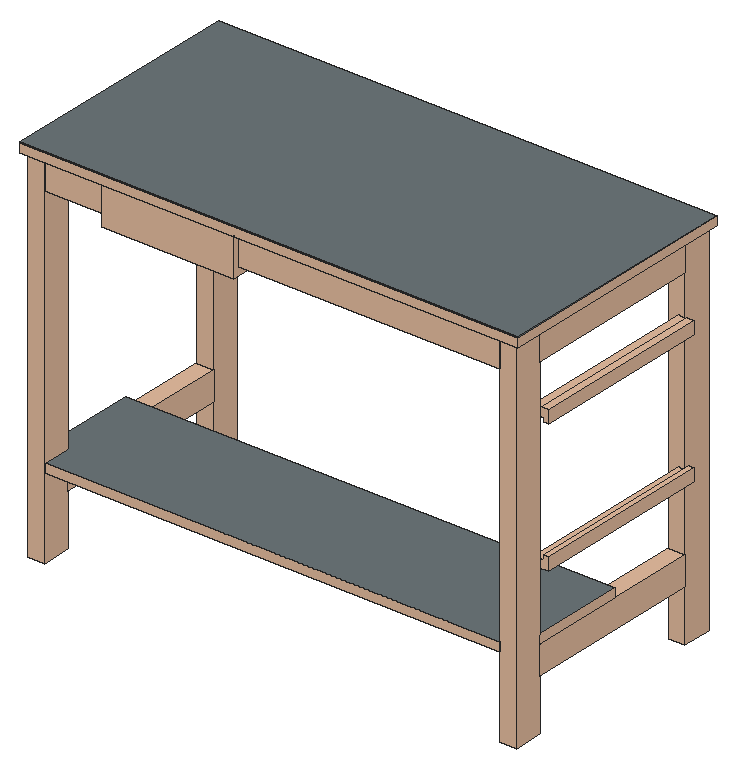
Revit family "Furniture_Other_Sjobergs_Sewing_Table", category Furniture, Revit 2017
Family settings
  OmniClass Number = 23.40.50.11
  OmniClass Title = Educational, Entertainment Equipment and Furnishings
  Work Plane-Based = No
  Always vertical = Yes
  Cut with Voids When Loaded = No
  Shared = No
  Room Calculation Point = No
Parameters (values of type "Sewing Table")
  Weight = "48 kg"
  WarrantyStartDate [instance] = "n/a"
  WarrantyGuarantorParts = "n/a"
  WarrantyGuarantorLabor = "n/a"
  WarrantyDurationUnit = "n/a"
  WarrantyDurationParts = "n/a"
  WarrantyDurationLabor = "n/a"
  WarrantyDescription = "n/a"
  VersionDate = "30/06/2020"  # constant formula
  Version = "1"  # constant formula
  Uniclass2015Reference = "n/a"
  Uniclass2015Description = "n/a"
  Uniclass2 = "n/a"
  URL = "https://www.sjobergs.se/sortiment/skola_textilslojd/index.php?id=1301&cat=17&lang=se&artnr=33064"
  Type Comments = ""
  TagNumber [instance] = "n//a"
  SustainabilityPerformance = "n/a"
  Style = "n/a"
  Size = "600x1200x897 mm"
  Shape = "Rectangular"
  SewingTableSecondaryMaterial = Grey laminate
  SewingTableMainMaterial = Beech
  SerialNumber [instance] = "n/a"
  Revision = "n/a"
  ReplacementCost = "n/a"
  ProductInformation = "A complete sewing machine table consisting of table top 33105 in grey laminate. Legs 33106 in beech. Footboard in grey laminate. Cable channel 33212 and extension cord 33213 are included."
  ProductDatasheet = "https://www.sjobergs.se/dbhires/Produktblad_symaskinsbord_33064.pdf"
  NominalWidth = 1200 mm
  NominalHeight = 897 mm
  NominalDepth = 600 mm
  Name = "Sjobergs_Sewing_Table"
  NBSReference = "n/a"
  NBSDescription = "n/a"
  ModelReference = "n/a"
  ModelNumber = "33064"
  Material = "Wood"
  ManufacturerName = "Sjöbergs"
  ManufacterURL = "https://www.sjobergs.se/en/"
  MainColor = "Wooden"
  InstallationDate [instance] = "n/a"
  Description = ""
  Model = "Sewing Table"
  Manufacturer = "Sjöbergs"
  IfcExportType = "TABLE"  # constant formula
  IfcExportAs = "IfcFurnishingElementType"  # constant formula
  Grade = "n/a"
  Finish = "n/a"
  Features = "n/a"
  ExpectedLife = "n/a"
  DurationUnit = "n/a"
  Cost = 0
  ConvergoRefNr = "0184-2005-0009-SE"
  Constituents = "n/a"
  Color = "Wooden"
  CodePerformance = "n/a"
  Category = "School, textile craft"
  Brand = "Sjöbergs"
  Barcode [instance] = "n/a"
  BIMObjectName = "Furniture_Other_Sjobergs_Sewing_Table"
  Author = "Convergo AB"  # constant formula
  AssetType = "Movable"
  AssetIdentifier [instance] = "n/a"
  AccessibilityPerformance = "n/a"
Reference planes
  plane 1 "Center (Front/Back)": y = 0
  plane 2: z = 0
  plane 3 "Center (Left/Right)": x = 0
  plane 4: x = -600
  plane 5: x = 600
  plane 6: y = 300
  plane 7: y = -300
  plane 8: z = 897
Dimensions and locks
  equal spacing: plane 4, plane 3 "Center (Left/Right)", plane 5
  "NominalWidth": plane 4 to plane 5
  equal spacing: plane 6, plane 1 "Center (Front/Back)", plane 7
  "NominalDepth": plane 6 to plane 7
  "NominalHeight": plane 8 to level
  aligned and locked: level to plane 2
Nested families
  nested 1: "Sjobergs_Sewing_Table" at (0, 0, 0), Wood <- "SewingTableMainMaterial", TableTop <- "SewingTableSecondaryMaterial", type "Sjobergs_Sewing_Table"
    with Wood Beech, TableTop Grey laminate, Metal none
Definition of nested family "Sjobergs_Sewing_Table"
  Parameters (values of type "Sewing_Table_Lift")
    Metal [instance] = none
    Wood [instance] = none
    TableTop [instance] = none
  Reference planes
    plane 1 "Center (Front/Back)": y = 0
    plane 2: z = 0
    plane 3 "Center (Left/Right)": x = 0
    plane 4: x = -600
    plane 5: y = -300
    plane 6: x = 600
    plane 7: y = 300
    plane 8: z = 897
  Forms (mm)
    Extrusion 1, solid, material <- "Wood", detail levels medium+fine
      sketch origin (0, 0, 0) x (1, 0, 0) y (0, 1, 0)
        loop
          line (-600, 300) -> (-600, -300) -> (600, -300) -> (600, 300) -> (-600, 300)
      from 875 to 896
    Extrusion 2, solid, material <- "Wood", detail levels medium+fine
      sketch origin (0, 0, 0) x (1, 0, 0) y (0, 1, 0)
        loop
          line (-589, 289) -> (-589, 219) -> (-549, 219) -> (-549, 289) -> (-589, 289)
        loop
          line (589, 289) -> (549, 289) -> (549, 219) -> (589, 219) -> (589, 289)
        loop
          line (-589, -289) -> (-549, -289) -> (-549, -219) -> (-589, -219) -> (-589, -289)
        loop
          line (589, -289) -> (589, -219) -> (549, -219) -> (549, -289) -> (589, -289)
      from 0 to 875
    Extrusion 3, solid, material <- "Wood", detail levels medium+fine
      sketch origin (0, 0, 0) x (1, 0, 0) y (0, 0, 1)
        loop
          line (589, 195.354) -> (549, 195.354) -> (549, 125) -> (589, 125) -> (589, 195.354)
        loop
          line (-549, 195.354) -> (-589, 195.354) -> (-589, 125) -> (-549, 125) -> (-549, 195.354)
        loop
          line (599, 678) -> (611, 678) -> (611, 708) -> (594.018, 708) -> (574, 708) -> (574, 688) -> (599, 688) -> (599, 678)
        loop
          line (599, 390) -> (599, 380) -> (574, 380) -> (574, 360) -> (594.018, 360) -> (611, 360) -> (611, 390) -> (599, 390)
      from -219 to 219
    Extrusion 4, solid, material <- "Wood", detail levels medium+fine
      sketch origin (-3.899, 0, 0) x (1, 0, 0) y (0, 1, 0)
        loop
          line (-585.101, -219) -> (-545.101, -219) -> (-545.101, -289) -> (552.899, -289) -> (552.899, -219) -> (592.899, -219) -> (592.899, 5.985) -> (-585.101, 5.985) -> (-585.101, -219)
      from 195.354 to 217
    Extrusion 5, solid, material <- "Wood", detail levels medium+fine
      sketch origin (0, 0, 0) x (0, 1, 0) y (0, 0, 1)
        loop
          line (5.985, 195.354) -> (-62.046, 195.354) -> (-62.046, 125) -> (5.985, 125) -> (5.985, 195.354)
      from -549 to 549
    Extrusion 6, solid, material <- "Wood", detail levels medium+fine
      sketch origin (0, 0, 0) x (1, 0, 0) y (0, 1, 0)
        loop
          line (549, 289) -> (-549, 289) -> (-549, 219) -> (-589, 219) -> (-589, -219) -> (-549, -219) -> (-549, -289) -> (549, -289) -> (549, -219) -> (589, -219) -> (589, 219) -> (549, 219) -> (549, 289)
      from 805 to 875
    Extrusion 7, solid, material <- "Wood", detail levels medium+fine
      sketch origin (0, 0, 0) x (1, 0, 0) y (0, 0, 1)
        loop
          line (-404, 875) -> (-404, 783.5) -> (-84, 783.5) -> (-84, 875) -> (-404, 875)
      from 149.967 to 300
    Extrusion 8, solid, material <- "TableTop", detail levels medium+fine
      sketch origin (0, 0, 0) x (1, 0, 0) y (0, 0, 1)
        loop
          line (600, 897) -> (-600, 897) -> (-600, 896) -> (600, 896) -> (600, 897)
      from -300 to 300
    Extrusion 9, solid, material <- "Wood", detail levels medium+fine
      sketch origin (0, 0, 0) x (1, 0, 0) y (0, 1, 0)
        loop
          arc (20.5, 92) -> (13.429, 89.071) -> (10.5, 82) r 10
          line (10.5, 82) -> (10.5, -175)
          arc (10.5, -175) -> (13.429, -182.071) -> (20.5, -185) r 10
          line (20.5, -185) -> (529.5, -185)
          arc (529.5, -185) -> (536.571, -182.071) -> (539.5, -175) r 10
          line (539.5, -175) -> (539.5, 82)
          arc (539.5, 82) -> (536.571, 89.071) -> (529.5, 92) r 10
          line (529.5, 92) -> (20.5, 92)
      from 896 to 805
    Extrusion 10, void
      sketch origin (0, 0, 301.274) x (1, 0, 0) y (0, 1, 0)
        loop
          arc (20.5, 92) -> (13.429, 89.071) -> (10.5, 82) r 10
          line (10.5, 82) -> (10.5, -175)
          arc (10.5, -175) -> (13.429, -182.071) -> (20.5, -185) r 10
          line (20.5, -185) -> (529.5, -185)
          arc (529.5, -185) -> (536.571, -182.071) -> (539.5, -175) r 10
          line (539.5, -175) -> (539.5, 82)
          arc (539.5, 82) -> (536.571, 89.071) -> (529.5, 92) r 10
          line (529.5, 92) -> (20.5, 92)
      from 988.829 to 376.726
    Extrusion 11, solid, material <- "TableTop", detail levels medium+fine
      sketch origin (0, 0, 0) x (1, 0, 0) y (0, 1, 0)
        loop
          line (529.5, 92) -> (20.5, 92)
          arc (20.5, 92) -> (13.429, 89.071) -> (10.5, 82) r 10
          line (10.5, 82) -> (10.5, -175)
          arc (10.5, -175) -> (13.429, -182.071) -> (20.5, -185) r 10
          line (20.5, -185) -> (529.5, -185)
          arc (529.5, -185) -> (536.571, -182.071) -> (539.5, -175) r 10
          line (539.5, -175) -> (539.5, 82)
          arc (539.5, 82) -> (536.571, 89.071) -> (529.5, 92) r 10
      from 896 to 897
    Extrusion 12, solid, material <- "Wood", detail levels coarse
      sketch origin (0, 0, 0) x (1, 0, 0) y (0, 1, 0)
        loop
          line (-600, -300) -> (600, -300) -> (600, 300) -> (-600, 300) -> (-600, -300)
      from 0 to 897
  Cuts and joins
    Extrusion 10 cuts Extrusion 1
    Extrusion 10 cuts Extrusion 6
    joined: Extrusion 1, Extrusion 5, Extrusion 6, Extrusion 9
    Extrusion 10 cuts Extrusion 8
    joined: Extrusion 8, Extrusion 11
  Lines and regions (mm)
    symbolic lines, detail levels medium+fine
      curve 1: line (-600, 300, 0) -> (600, 300, 0)
      curve 2: line (-600, -300, 0) -> (-600, 300, 0)
      curve 3: line (600, -300, 0) -> (-600, -300, 0)
      curve 4: line (600, 300, 0) -> (600, -300, 0)
      curve 5: line (600, 0, 897) -> (-600, 0, 897)
      curve 6: line (-600, 0, 896) -> (-600, 0, 875)
      curve 7: line (-600, 0, 897) -> (-600, 0, 896)
      curve 8: line (-600, 0, 875) -> (-589, 0, 875)
      curve 9: line (-589, 0, 875) -> (-589, 0, 0)
      curve 10: line (-549, 0, 0) -> (-549, 0, 217)
      curve 14: line (589, 0, 0) -> (589, 0, 483.841)
      curve 16: line (600, 0, 875) -> (600, 0, 896)
      curve 17: line (600, 0, 896) -> (600, 0, 897)
      curve 20: line (-549, 0, 217) -> (319, 0, 217)
      curve 24: line (549, 0, 217) -> (549, 0, 125)
      curve 25: line (549, 0, 125) -> (549, 0, 0)
      curve 26: line (-589, 0, 0) -> (-549, 0, 0)
      curve 27: line (549, 0, 0) -> (589, 0, 0)
      curve 29: line (589, 0, 875) -> (600, 0, 875)
      curve 31: line (589, 0, 719.474) -> (589, 0, 875)
      curve 32: line (589, 0, 483.841) -> (589, 0, 719.474)
      curve 33: line (319, 0, 217) -> (549, 0, 217)
      curve 42: line (0, 300, 897) -> (0, -300, 897)
      curve 43: line (0, 300, 896) -> (0, 300, 897)
      curve 44: line (0, 300, 875) -> (0, 300, 896)
      curve 45: line (0, -300, 875) -> (0, -289, 875)
      curve 46: line (0, -300, 896) -> (0, -300, 875)
      curve 47: line (0, -300, 897) -> (0, -300, 896)
      curve 48: line (0, -219, 0) -> (0, -219, 125)
      curve 49: line (0, -289, 875) -> (0, -289, 0)
      curve 50: line (0, -219, 125) -> (0, 23.82, 125)
      curve 52: line (0, 289, 0) -> (0, 289, 875)
      curve 61: line (0, -219, 0) -> (0, -289, 0)
      curve 62: line (0, 289, 0) -> (0, 219, 0)
      curve 66: line (0, 23.82, 125) -> (0, 219, 125)
      curve 67: line (0, 219, 125) -> (0, 219, 0)
      curve 70: line (0, 289, 875) -> (0, 300, 875)
    symbolic lines, detail levels fine
      curve 11: line (-191, 0, 830) -> (-353, 0, 830)
      curve 12: line (-402.586, 0, 712.291) -> (-85.414, 0, 712.291)
      curve 13: line (-85.414, 0, 712.291) -> (-85.414, 0, 805)
      curve 15: line (549, 0, 875) -> (549, 0, 805)
      curve 18: line (-549, 0, 805) -> (-353, 0, 805)
      curve 19: line (-191, 0, 805) -> (244, 0, 805)
      curve 21: line (-549, 0, 125) -> (549, 0, 125)
      curve 22: line (549, 0, 265.191) -> (549, 0, 264.191)
      curve 23: line (549, 0, 264.191) -> (549, 0, 217)
      curve 28: line (549, 0, 875) -> (589, 0, 875)
      curve 30: line (549, 0, 805) -> (549, 0, 265.191)
      curve 34: line (244, 0, 805) -> (314, 0, 805)
      curve 35: line (314, 0, 805) -> (549, 0, 805)
      curve 36: line (-402.586, 0, 805) -> (-402.586, 0, 712.291)
      curve 37: line (-549, 0, 805) -> (-549, 0, 875)
      curve 38: line (-549, 0, 875) -> (549, 0, 875)
      curve 39: line (-589, 0, 875) -> (-549, 0, 875)
      curve 40: line (-549, 0, 264.191) -> (-549, 0, 805)
      curve 41: line (-549, 0, 217) -> (-549, 0, 264.191)
      curve 51: line (0, 219, 875) -> (0, 219, 195.354)
      curve 53: line (0, 49, 783.5) -> (0, 49, 805)
      curve 54: line (0, 5.985, 216) -> (0, 5.985, 217)
      curve 55: line (0, 5.985, 217) -> (0, -219, 217)
      curve 56: line (0, -219, 805) -> (0, 219, 805)
      curve 57: line (0, -219, 783.5) -> (0, 49, 783.5)
      curve 58: line (0, 219, 195.354) -> (0, 5.985, 195.354)
      curve 59: line (0, 5.985, 195.354) -> (0, -219, 195.354)
      curve 60: line (0, 5.985, 195.354) -> (0, 5.985, 217)
      curve 63: line (0, -219, 125) -> (0, -219, 195.354)
      curve 64: line (0, -219, 217) -> (0, -219, 875)
      curve 65: line (0, -219, 195.354) -> (0, -219, 216)
      curve 68: line (0, 219, 195.354) -> (0, 219, 125)
      curve 69: line (0, 219, 875) -> (0, 289, 875)
      curve 71: line (0, -219, 875) -> (0, 219, 875)
      curve 72: line (0, -219, 216) -> (0, -219, 217)
      curve 73: line (0, -289, 875) -> (0, -219, 875)
      curve 74: line (-191, 0, 830) -> (-191, 0, 783)
      curve 75: line (-353, 0, 830) -> (-353, 0, 783)
      curve 76: line (-353, 0, 783) -> (-191, 0, 783)
      curve 77: line (-549, 0, 192) -> (549, 0, 192)
      curve 78: line (611, 0, 708) -> (611, 0, 678)
      curve 79: line (589, 0, 688) -> (599, 0, 688)
      curve 80: line (589, 0, 708) -> (611, 0, 708)
      curve 81: line (599, 0, 688) -> (599, 0, 678)
      curve 82: line (599, 0, 678) -> (611, 0, 678)
      curve 83: line (611, 0, 360) -> (611, 0, 390)
      curve 84: line (589, 0, 380) -> (599, 0, 380)
      curve 85: line (589, 0, 360) -> (611, 0, 360)
      curve 86: line (599, 0, 380) -> (599, 0, 390)
      curve 87: line (599, 0, 390) -> (611, 0, 390)
      curve 88: line (0, 219, 708) -> (0, -219, 708)
      curve 89: line (0, 219, 679.024) -> (0, -219, 679.024)
      curve 90: line (0, 219, 389.82) -> (0, -219, 389.82)
      curve 91: line (0, 219, 360.844) -> (0, -219, 360.844)
  Dimensions and locks
    locked: plane 4 to plane 6 at 1200
    equal spacing: plane 4, plane 3 "Center (Left/Right)", plane 6
    equal spacing: plane 5, plane 1 "Center (Front/Back)", plane 7
    locked: plane 7 to plane 5 at 600
    aligned and locked: level to plane 2
    aligned and locked: Extrusion 2 to Extrusion 1
    aligned and locked: Extrusion 4 sketch curve to Extrusion 2
    aligned and locked: Extrusion 1 to Extrusion 8
  Automatic sketch dimensions
    Extrusion 1 sketch curve to plane 4 = 0 mm
    Extrusion 1 sketch curve to plane 5 = 0 mm
    Extrusion 1 sketch curve to plane 6 = 0 mm
    plane 7 to Extrusion 1 sketch curve = 0 mm
    plane 4 to Extrusion 2 sketch curve = 11 mm  (x2)
    Extrusion 2 sketch curve to Extrusion 2 sketch curve = 40 mm  (x2)
    plane 7 to Extrusion 2 sketch curve = 11 mm  (x2)
    plane 6 to Extrusion 2 sketch curve = 51 mm  (x2)
    plane 5 to Extrusion 2 sketch curve = 11 mm  (x2)
    plane 6 to Extrusion 2 sketch curve = 11 mm  (x2)
    Extrusion 2 sketch curve to Extrusion 2 sketch curve = 70 mm  (x4)
    plane 4 to Extrusion 3 sketch curve = 11 mm
    Extrusion 3 sketch curve to Extrusion 3 sketch curve = 40 mm
    plane 6 to Extrusion 3 sketch curve = 51 mm
    plane 6 to Extrusion 3 sketch curve = 26 mm  (x2)
    plane 6 to Extrusion 3 sketch curve = 11 mm
    plane 6 to Extrusion 3 sketch curve = 5.982 mm  (x2)
    plane 6 to Extrusion 3 sketch curve = 1 mm  (x2)
    Extrusion 3 sketch curve to plane 6 = 11 mm  (x2)
    level to Extrusion 3 sketch curve = 125 mm  (x2)
    Extrusion 3 sketch curve to Extrusion 3 sketch curve = 70.354 mm  (x2)
    Extrusion 3 sketch curve to Extrusion 3 sketch curve = 164.646 mm
    Extrusion 3 sketch curve to Extrusion 3 sketch curve = 20 mm  (x2)
    Extrusion 3 sketch curve to Extrusion 3 sketch curve = 10 mm  (x2)
    Extrusion 3 sketch curve to plane 8 = 219 mm
    plane 4 to Extrusion 4 sketch curve = 11 mm
    plane 5 to Extrusion 4 sketch curve = 11 mm
    plane 4 to Extrusion 4 sketch curve = 51 mm
    plane 6 to Extrusion 4 sketch curve = 51 mm
    plane 6 to Extrusion 4 sketch curve = 11 mm
    Extrusion 4 sketch curve to Extrusion 4 sketch curve = 70 mm
    Extrusion 4 sketch curve to plane 1 "Center (Front/Back)" = 5.985 mm
    plane 1 "Center (Front/Back)" to Extrusion 5 sketch curve = 62.046 mm
    Extrusion 5 sketch curve to plane 1 "Center (Front/Back)" = 5.985 mm
    level to Extrusion 5 sketch curve = 125 mm
    Extrusion 5 sketch curve to Extrusion 5 sketch curve = 70.354 mm
    plane 4 to Extrusion 6 sketch curve = 11 mm
    plane 5 to Extrusion 6 sketch curve = 11 mm
    plane 4 to Extrusion 6 sketch curve = 51 mm  (x2)
    plane 7 to Extrusion 6 sketch curve = 11 mm
    plane 6 to Extrusion 6 sketch curve = 51 mm  (x2)
    plane 6 to Extrusion 6 sketch curve = 11 mm
    Extrusion 6 sketch curve to Extrusion 6 sketch curve = 70 mm  (x4)
    plane 4 to Extrusion 7 sketch curve = 196 mm
    Extrusion 7 sketch curve to plane 3 "Center (Left/Right)" = 84 mm
    Extrusion 7 sketch curve to plane 8 = 113.5 mm
    Extrusion 7 sketch curve to plane 8 = 22 mm
    Extrusion 8 sketch curve to plane 4 = 0 mm
    plane 6 to Extrusion 8 sketch curve = 0 mm
    Extrusion 8 sketch curve to plane 8 = 0 mm
    Extrusion 8 sketch curve to Extrusion 8 sketch curve = 1 mm
    plane 3 "Center (Left/Right)" to Extrusion 9 sketch curve = 10.5 mm
    Extrusion 9 sketch curve to Extrusion 9 sketch curve = 10 mm  (x4)
    plane 5 to Extrusion 9 sketch curve = 115 mm
    Extrusion 9 sketch curve to plane 1 "Center (Front/Back)" = 82 mm
    plane 3 "Center (Left/Right)" to Extrusion 10 sketch curve = 10.5 mm
    Extrusion 10 sketch curve to Extrusion 10 sketch curve = 10 mm  (x4)
    plane 5 to Extrusion 10 sketch curve = 115 mm
    Extrusion 10 sketch curve to plane 1 "Center (Front/Back)" = 82 mm
    Extrusion 11 sketch curve to plane 1 "Center (Front/Back)" = 82 mm
    Extrusion 11 sketch curve to Extrusion 11 sketch curve = 10 mm  (x4)
    plane 5 to Extrusion 11 sketch curve = 125 mm
    Extrusion 12 sketch curve to plane 4 = 0 mm
    Extrusion 12 sketch curve to plane 6 = 0 mm
    Extrusion 12 sketch curve to plane 5 = 0 mm
    plane 7 to Extrusion 12 sketch curve = 0 mm
    plane 6 to Extrusion 9 sketch curve = 70.5 mm
    plane 6 to Extrusion 10 sketch curve = 70.5 mm
    plane 6 to Extrusion 11 sketch curve = 70.5 mm
    plane 3 "Center (Left/Right)" to Extrusion 11 sketch curve = 20.5 mm
    curve 5 to plane 4 = 0 mm
    curve 26 to level = 0 mm
    curve 27 to level = 0 mm
    plane 6 to curve 17 = 0 mm
    curve 7 to plane 8 = 0 mm
    plane 4 to curve 26 = 11 mm
    plane 4 to curve 10 = 51 mm
    curve 36 to curve 75 = 49.586 mm
    curve 75 to curve 76 = 162 mm
    curve 13 to plane 3 "Center (Left/Right)" = 85.414 mm
    curve 34 to plane 8 = 92 mm
    plane 3 "Center (Left/Right)" to curve 34 = 244 mm
    curve 19 to curve 34 = 70 mm
    plane 6 to curve 33 = 51 mm
    plane 6 to curve 14 = 11 mm
    plane 6 to curve 86 = 1 mm
    plane 6 to curve 82 = 1 mm
    curve 83 to plane 6 = 11 mm
    curve 82 to plane 6 = 11 mm
    level to curve 24 = 125 mm
    curve 21 to curve 41 = 92 mm
    curve 23 to curve 22 = 47.191 mm
    curve 10 to curve 40 = 47.191 mm
    curve 22 to curve 30 = 1 mm
    curve 22 to curve 85 = 94.809 mm
    curve 85 to curve 86 = 20 mm
    curve 84 to curve 86 = 10 mm
    curve 86 to curve 32 = 93.841 mm
    curve 82 to curve 15 = 127 mm
    curve 81 to curve 79 = 10 mm
    curve 79 to curve 80 = 20 mm
    curve 36 to plane 8 = 184.709 mm
    curve 80 to curve 32 = 11.474 mm
    curve 12 to curve 75 = 70.709 mm
    curve 19 to curve 74 = 25 mm
    curve 39 to plane 8 = 22 mm
    curve 17 to plane 8 = 1 mm
    curve 7 to curve 5 = 1 mm
    curve 20 to curve 23 = 230 mm
    curve 77 to curve 23 = 25 mm
    curve 18 to curve 12 = 146.414 mm
    curve 18 to curve 37 = 70 mm
    curve 46 to plane 5 = 0 mm
    curve 49 to level = 0 mm
    curve 62 to level = 0 mm
    curve 43 to plane 7 = 0 mm
    curve 47 to plane 8 = 0 mm
    plane 5 to curve 45 = 11 mm
    curve 49 to curve 48 = 70 mm
    curve 59 to plane 1 "Center (Front/Back)" = 5.985 mm
    curve 66 to plane 1 "Center (Front/Back)" = 23.82 mm
    curve 57 to plane 1 "Center (Front/Back)" = 49 mm
    plane 7 to curve 58 = 81 mm
    plane 7 to curve 70 = 11 mm
    level to curve 66 = 125 mm
    curve 66 to curve 68 = 70.354 mm
    curve 59 to curve 72 = 20.646 mm
    curve 65 to curve 55 = 1 mm
    curve 53 to plane 8 = 113.5 mm
    curve 46 to plane 8 = 22 mm
    curve 47 to plane 8 = 1 mm
    curve 44 to plane 8 = 1 mm
    curve 54 to curve 54 = 1 mm
    curve 51 to curve 91 = 165.49 mm
    curve 91 to curve 90 = 28.976 mm
    curve 89 to curve 51 = 195.976 mm
    curve 89 to curve 88 = 28.976 mm
    curve 57 to curve 56 = 21.5 mm
    curve 1 to plane 4 = 0 mm
    curve 4 to plane 5 = 0 mm
    curve 4 to plane 6 = 0 mm
    plane 7 to curve 2 = 0 mm
